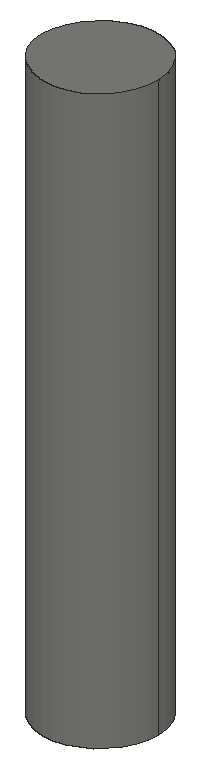
Revit family "Concrete - Round (column)", category Structural Columns, Revit 2023
Family settings
  Display in Hidden Views = Edges Hidden by Other Members
  Section Shape = Not Defined
  Material for Model Behavior = Concrete
  Always export as geometry = No
  Beam cutback in plan = From geometry
  Cut with Voids When Loaded = No
  Symbolic Representation = From Family
  Shared = No
  Show family pre-cut in plan views = Yes
Parameters (values of type "Concrete - Round (column)")
  d = 200 mm
  Structural Material = Concrete
  Creator Organization [instance] = "© Danish Educational Content"  # constant formula
  Creator Name [instance] = "© Erik Falck Jørgensen"  # constant formula
  Creator Build [instance] = "2018.0420.0"  # constant formula
Reference planes
  plane 1 "Center (Front/Back)": y = 0
  plane 2: z = 0
  plane 3 "Center (Left/Right)": x = 0
  plane 4: x = -100
  plane 5: x = 100
  plane 6: y = 100
  plane 7: y = -100
Forms (mm)
  Extrusion 1, solid, material "Concrete" <- "Structural Material"
    sketch origin (0, 0, 0) x (1, 0, 0) y (0, 1, 0)
      loop
        circle (0, 0) r 100
    from 0 to 1000
Dimensions and locks
  equal spacing: plane 4, plane 3 "Center (Left/Right)", plane 5
  equal spacing: plane 7, plane 1 "Center (Front/Back)", plane 6
  "d": plane 7 to plane 6
  "d": plane 4 to plane 5
  aligned and locked: level to Extrusion 1
  aligned and locked: level to plane 2
  aligned and locked: Extrusion 1 to plane 2
Automatic sketch dimensions
  Extrusion 1 sketch curve to plane 1 "Center (Front/Back)" = 0 mm
  Extrusion 1 sketch curve to plane 4 = 0 mm
  Extrusion 1 sketch curve to plane 3 "Center (Left/Right)" = 0 mm
